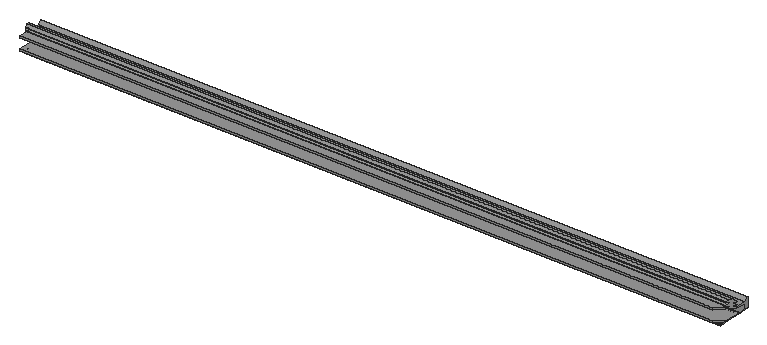
Revit family "PVC159_0.75 Inch Minicap", category Specialty Equipment, Revit 2019
Family settings
  Round Connector Dimension = Use Diameter
  Part Type = Normal
  OmniClass Number = 23.10.00.00
  OmniClass Title = Site Products
  Cut with Voids When Loaded = No
  Shared = No
  Room Calculation Point = No
Parameters (values of type "PVC159 - Vertical")
  z_Vertical = yes
  z_Left Cut Distance [instance] = if([Left Cut 45° Tee-Cross], 0.00", 3.00")  # 3.00"
  z_Horizontal = no
  z_Distance 3 [instance] = if(Ellbow Cut, 4.00", 15.00")  # 15.00"
  z_Distance 2 [instance] = if(and(Corner Cut, z_Vertical), 0.44", 5.00")  # 5.00"
  z_Distance 1 [instance] = if([Right Cut 45° Tee-Cross], 5.00", 10.00")  # 5.00"
  z_Distance [instance] = if([Left Cut 45° Tee-Cross], 5.00", 10.00")  # 10.00"
  z_Cut Distance [instance] = if(z_Distance 2 = 0.44", 0.44", 0.00")  # 0.00"
  Width = 1.38"
  Weight = ".60 lbs/lft"
  URL = "https://www.jpspecialties.com/"
  z_Right Cut Distance [instance] = if([Right Cut 45° Tee-Cross], 0.00", 3.00")  # 0.00"
  Telephone = "951-763-7077"
  Right Cut 45° Tee-Cross [instance] = yes
  Product data url = "www.bimmodeller.com/jpspecialties/products/Polyvinyl-Chloride-PVC-Waterstop"
  Product Material = JP Specialties - Polyvinyl Chloride (PVC)
  Product Guid = "27e5cdcc-cece-4d8c-947d-ca6b8ef269ba"  # constant formula
  NOTE [instance] = "Elbow Cut and Tee-Cross cuts cannot be checked at the same time"  # constant formula
  Model = "PVC159"
  Materials = PVC
  Manufacturer = "J P Specialties Inc."  # constant formula
  built-in parameter 1001306 [instance] = 48.00"
  Left Cut 45° Tee-Cross [instance] = no
  z_Ellbow Cut Distance [instance] = if(Ellbow Cut, 0.00", 3.00")  # 3.00"
  z_Ellbow Cut Sweep Distance [instance] = if(Ellbow Cut, 3.00", 0.00")  # 0.00"
  Hydrophobic = "Yes"
  Hydrophilic = "No"
  Height = 1.25"
  Ellbow Cut [instance] = no
  Keynote = "13000"
  Edition number = 1
  Description = "PVC159 is Earth Shield PVC 3/4\" Minicap waterstop."
  Corner Cut [instance] = no
  Certifications = "NSF 61, NSF 372, CRD C-572-74, ASTM D564"
  Assembly Code = "F1030"
Types (2): name | z_Vertical | z_Horizontal
  PVC159 - Horizontal | no | yes
  PVC159 - Vertical | yes | no
Reference planes (in)
  plane 1 "Center (Front/Back)": y = 0
  plane 2: z = 0
  plane 3 "Left": x = 0
  plane 4 "Right": x = 48
  plane 5: y = 3
  plane 6: y = -3
  plane 7: z = -1
  plane 8: z = 10
  plane 9: z = -5
  plane 10: x = 48
  plane 11: z = 15
  plane 12: x = -5
  plane 13: x = 0
  plane 14: y = 4.75
Forms (in)
  Extrusion 1, void
    sketch origin (0, 0, 0) x (1, 0, 0) y (0, 1, 0)
      loop
        line (48, 0) -> (48, 4.75) -> (43.25, 4.75) -> (48, 0)
    from 2 to 12
  Extrusion 2, void
    sketch origin (0, 0, 0) x (1, 0, 0) y (0, 1, 0)
      loop
        line (51, -1.00199) -> (51, 4.75) -> (45.24801, 4.75) -> (51, -1.00199)
    from 2 to 12
  Extrusion 3, void
    sketch origin (0, 0, 0) x (1, 0, 0) y (0, 1, 0)
      loop
        line (48, 0) -> (43.5, -4.5) -> (48, -4.5) -> (48, 0)
    from -1 to 12
  Extrusion 4, void
    sketch origin (0, 0, 0) x (1, 0, 0) y (0, 0, 1)
      loop
        line (48, 5.05025) -> (48, 10) -> (43.05025, 10) -> (48, 5.05025)
    from -8.21469 to 12
  Extrusion 5, void
    sketch origin (0, 0, 0) x (1, 0, 0) y (0, 0, 1)
      loop
        line (48, 0) -> (43, -5) -> (48, -5) -> (48, 0)
    from -8.21469 to 12
  Extrusion 6, void
    sketch origin (0, 0, 0) x (1, 0, 0) y (0, 0, 1)
      loop
        line (48, 12.00253) -> (42.24747, 6.25) -> (48, 6.25) -> (48, 12.00253)
    from -8.21469 to 12
  Extrusion 7, void
    sketch origin (0, 0, 0) x (1, 0, 0) y (0, 1, 0)
      loop
        line (-5, -4.5025) -> (4.2525, 4.75) -> (-5, 4.75) -> (-5, -4.5025)
    from -8.14882 to 12
  Sweep 8, solid, material "PVC" <- "Materials", visible <- "z_Horizontal"
    path origin (0, 0, 0) x (1, 0, 0) y (0, 1, 0)
      loop
        line (-5, 0.00016) -> (48, 0.00016)
    profile "PVC159 : PVC159" origin (21.5, 0.00016, 0) x (0, 1, 0) y (0, 0, 1)
      loop
        arc (-0.37581, 0.73193) -> (-0.37004, 0.74584) -> (-0.35612, 0.75161) r 0.01969
        line (-0.35612, 0.75161) -> (0.35612, 0.75161)
        arc (0.35612, 0.75161) -> (0.37004, 0.74584) -> (0.37581, 0.73193) r 0.01969
        line (0.37581, 0.73193) -> (0.37581, -1.00215) -> (0.50107, -1.00215) -> (0.50107, -0.31317) -> (0.58626, -0.31317) -> (0.58626, -0.46305)
        arc (0.58626, -0.46305) -> (0.59598, -0.4776) -> (0.61314, -0.47419) r 0.01575
        line (0.61314, -0.47419) -> (0.77416, -0.31317) -> (0.81424, -0.31317) -> (0.81424, -0.46305)
        arc (0.81424, -0.46305) -> (0.82397, -0.4776) -> (0.84113, -0.47419) r 0.01575
        line (0.84113, -0.47419) -> (1.00215, -0.31317) -> (1.00215, -0.1879) -> (0.84113, -0.02688)
        arc (0.84113, -0.02688) -> (0.82397, -0.02347) -> (0.81424, -0.03802) r 0.01575
        line (0.81424, -0.03802) -> (0.81424, -0.1879) -> (0.77416, -0.1879) -> (0.61314, -0.02688)
        arc (0.61314, -0.02688) -> (0.59598, -0.02347) -> (0.58626, -0.03802) r 0.01575
        line (0.58626, -0.03802) -> (0.58626, -0.1879) -> (0.50107, -0.1879) -> (0.50107, 0.75161) -> (0.68898, 1.00215) -> (-0.68898, 1.00215) -> (-0.50107, 0.75161) -> (-0.50107, -0.1879) -> (-0.58626, -0.1879) -> (-0.58626, -0.03802)
        arc (-0.58626, -0.03802) -> (-0.59598, -0.02347) -> (-0.61314, -0.02688) r 0.01575
        line (-0.61314, -0.02688) -> (-0.77416, -0.1879) -> (-0.81424, -0.1879) -> (-0.81424, -0.03802)
        arc (-0.81424, -0.03802) -> (-0.82397, -0.02347) -> (-0.84113, -0.02688) r 0.01575
        line (-0.84113, -0.02688) -> (-1.00215, -0.1879) -> (-1.00215, -0.31317) -> (-0.84113, -0.47419)
        arc (-0.84113, -0.47419) -> (-0.82397, -0.4776) -> (-0.81424, -0.46305) r 0.01575
        line (-0.81424, -0.46305) -> (-0.81424, -0.31317) -> (-0.77416, -0.31317) -> (-0.61314, -0.47419)
        arc (-0.61314, -0.47419) -> (-0.59598, -0.4776) -> (-0.58626, -0.46305) r 0.01575
        line (-0.58626, -0.46305) -> (-0.58626, -0.31317) -> (-0.50107, -0.31317) -> (-0.50107, -1.00215) -> (-0.37581, -1.00215) -> (-0.37581, 0.73193)
  Sweep 9, solid, material "PVC" <- "Materials", visible <- "z_Vertical"
    path origin (0, 0, 0) x (1, 0, 0) y (0, 1, 0)
      loop
        line (-5, 0) -> (48, 0)
    profile "PVC159 : PVC159" origin (21.5, 0, 0) x (0, 1, 0) y (0, 0, 1)
      loop
        arc (0.7323, 0.37628) -> (0.74622, 0.37051) -> (0.75199, 0.35659) r 0.01969
        line (0.75199, 0.35659) -> (0.75205, -0.35565)
        arc (0.75205, -0.35565) -> (0.74629, -0.36957) -> (0.73237, -0.37533) r 0.01969
        line (0.73237, -0.37533) -> (-1.00171, -0.37548) -> (-1.0017, -0.50075) -> (-0.31272, -0.50069) -> (-0.31271, -0.58587) -> (-0.46259, -0.58589)
        arc (-0.46259, -0.58589) -> (-0.47714, -0.59561) -> (-0.47373, -0.61277) r 0.01575
        line (-0.47373, -0.61277) -> (-0.3127, -0.77378) -> (-0.31269, -0.81386) -> (-0.46258, -0.81388)
        arc (-0.46258, -0.81388) -> (-0.47712, -0.8236) -> (-0.47371, -0.84076) r 0.01575
        line (-0.47371, -0.84076) -> (-0.31268, -1.00176) -> (-0.18741, -1.00175) -> (-0.0264, -0.84072)
        arc (-0.0264, -0.84072) -> (-0.02299, -0.82356) -> (-0.03754, -0.81384) r 0.01575
        line (-0.03754, -0.81384) -> (-0.18742, -0.81385) -> (-0.18743, -0.77377) -> (-0.02642, -0.61273)
        arc (-0.02642, -0.61273) -> (-0.02301, -0.59557) -> (-0.03756, -0.58585) r 0.01575
        line (-0.03756, -0.58585) -> (-0.18744, -0.58586) -> (-0.18745, -0.50068) -> (0.75206, -0.5006) -> (1.00262, -0.68848) -> (1.0025, 0.68947) -> (0.75198, 0.50155) -> (-0.18754, 0.50147) -> (-0.18754, 0.58665) -> (-0.03766, 0.58666)
        arc (-0.03766, 0.58666) -> (-0.02311, 0.59639) -> (-0.02653, 0.61355) r 0.01575
        line (-0.02653, 0.61355) -> (-0.18756, 0.77455) -> (-0.18756, 0.81464) -> (-0.03768, 0.81465)
        arc (-0.03768, 0.81465) -> (-0.02313, 0.82437) -> (-0.02655, 0.84154) r 0.01575
        line (-0.02655, 0.84154) -> (-0.18758, 1.00254) -> (-0.31285, 1.00253) -> (-0.47385, 0.8415)
        arc (-0.47385, 0.8415) -> (-0.47727, 0.82433) -> (-0.46271, 0.81461) r 0.01575
        line (-0.46271, 0.81461) -> (-0.31283, 0.81463) -> (-0.31283, 0.77454) -> (-0.47383, 0.61351)
        arc (-0.47383, 0.61351) -> (-0.47725, 0.59635) -> (-0.4627, 0.58663) r 0.01575
        line (-0.4627, 0.58663) -> (-0.31281, 0.58664) -> (-0.3128, 0.50146) -> (-1.00178, 0.5014) -> (-1.00177, 0.37613) -> (0.7323, 0.37628)
Cuts and joins
  Extrusion 1, Extrusion 2, Extrusion 3 cuts Sweep 8
  Extrusion 3, Extrusion 4, Extrusion 5, Extrusion 6 cuts Sweep 9
Lines and regions (in)
  reference lines
    curve 1: line (0, 0, 0) -> (48, 0, 0)
Dimensions and locks (in)
  "built-in parameter 1001306": plane 3 "Left" to plane 4 "Right"
  equal spacing: plane 5, plane 1 "Center (Front/Back)", plane 6
  locked: plane 5 to plane 6 at 6
  locked: Extrusion 1 sketch curve to plane 4 "Right" at 4.75
  locked: plane 2 to plane 7 at 1
  "z_Left Cut Distance": Extrusion 1 to plane 7
  Extrusion 2 sketch curve to plane 4 "Right" = 2.75199"
  locked: Extrusion 2 sketch curve to plane 5 at 4.00199
  "z_Ellbow Cut Distance": Extrusion 2 to plane 7
  locked: plane 4 "Right" to Extrusion 2 sketch curve at 3
  locked: Extrusion 3 sketch curve to plane 4 "Right" at 4.5
  locked: plane 6 to Extrusion 3 sketch curve at 3
  "z_Right Cut Distance": Extrusion 3 to plane 7
  "z_Distance": plane 8 to plane 2
  locked: plane 8 to Extrusion 4 sketch curve at 4.94975
  "z_Distance 1": plane 2 to plane 9
  locked: Extrusion 5 sketch curve to plane 9 at 5
  "z_Ellbow Cut Sweep Distance": plane 10 to plane 4 "Right"
  "z_Distance 3": plane 11 to plane 2
  "z_Distance 2": plane 12 to plane 3 "Left"
  locked: plane 1 "Center (Front/Back)" to Extrusion 7 sketch curve at 4.75
  "z_Cut Distance": plane 13 to plane 3 "Left"
  locked: plane 12 to Extrusion 7 sketch curve at 9.2525
  locked: plane 5 to plane 14 at 1.75
  plane 11 to Extrusion 6 sketch curve to Extrusion 6 sketch curve = 2.99747" locked, 5.75253" locked
  plane 10 to Extrusion 6 sketch curve = 5.75253"
  locked: plane 4 "Right" to Extrusion 1 sketch curve (angle 45.00°)
  locked: plane 4 "Right" to Extrusion 2 sketch curve (angle 45.00°)
  locked: Extrusion 3 sketch curve to plane 4 "Right" (angle 45.00°)
  locked: plane 4 "Right" to Extrusion 4 sketch curve (angle 45.00°)
  angle Extrusion 5 sketch curve to plane 4 "Right" = 45.00°
  locked: Extrusion 6 sketch curve to Extrusion 6 sketch curve (angle 45.00°)
  locked: Extrusion 7 sketch curve to plane 12 (angle 45.00°)
  aligned and locked: plane 4 "Right" to curve 1
  aligned and locked: plane 1 "Center (Front/Back)" to curve 1
  aligned and locked: plane 3 "Left" to curve 1
  aligned and locked: level to plane 2
  aligned and locked: Extrusion 1 sketch curve to plane 4 "Right"
  aligned and locked: plane 1 "Center (Front/Back)" to Extrusion 1 sketch curve
  aligned and locked: Extrusion 4 sketch curve to plane 8
  aligned and locked: Extrusion 4 sketch curve to plane 4 "Right"
  aligned and locked: plane 4 "Right" to Extrusion 5 sketch curve  (x2)
  aligned and locked: plane 9 to Extrusion 5 sketch curve
  aligned and locked: plane 10 to Extrusion 6 sketch curve
  aligned and locked: plane 12 to Sweep 8 sketch curve
  aligned and locked: plane 10 to Sweep 8 sketch curve
  aligned and locked: plane 10 to Extrusion 3 sketch curve
  aligned and locked: plane 14 to Extrusion 1 sketch curve
  aligned and locked: plane 12 to Sweep 9 sketch curve
  aligned and locked: plane 1 "Center (Front/Back)" to Sweep 9 sketch curve
  aligned and locked: plane 10 to Sweep 9 sketch curve
  aligned and locked: plane 12 to Extrusion 7 sketch curve
Automatic sketch dimensions
  Sweep 8 sketch curve to plane 1 "Center (Front/Back)" = 0.00016"
